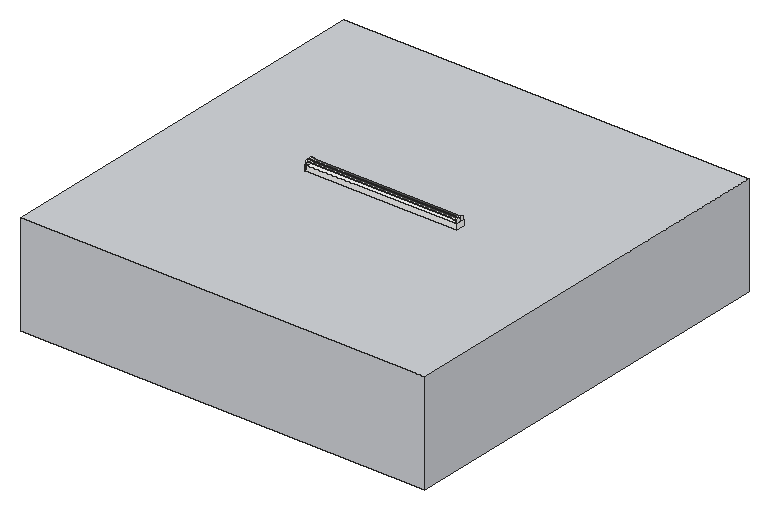
Revit family "CN3", category Lighting Fixtures, host Face, Revit 2012
Parameters (values of type "CN3")
  Wattage Comments = "129 W"
  Wattage = 9.2903 W
  built-in parameter 1150110 = 1 (stored number, unit not read)
  URL = "http://www.columbialighting.com/"
  built-in parameter 1114217 = 1 (stored number, unit not read)
  Tilt Angle = 60.00°
  built-in parameter 1150109 = 1 (stored number, unit not read)
  built-in parameter 1150134 = 3
  built-in parameter 1150113 = 1 (stored number, unit not read)
  Product Page URL = "http://www.columbialighting.com/products/cncnss"
  Product Documentation Link = "http://www.columbialighting.com/content/products/specs/specs_files/cn.pdf"
  Photometric Web File = "generic"
  built-in parameter 1150142 = (empty or 0)
  Model = "CN3"  # constant formula
  Manufacturer Phone = "864-678-1000"  # constant formula
  Manufacturer Fax = "866-898-1065"  # constant formula
  Manufacturer = "Columbia Lighting"  # constant formula
  built-in parameter 1150105 = 109.82 (stored number, unit not read)
  Lumens = 1380 lm
  built-in parameter 1150115 = 1 (stored number, unit not read)
  built-in parameter 1150137 = (empty or 0)
  built-in parameter 1150139 = (empty or 0)
  built-in parameter 1150112 = 1 (stored number, unit not read)
  built-in parameter 1150114 = 1 (stored number, unit not read)
  Lamp = "F54T5"
  built-in parameter 1150132 = (empty or 0)
  built-in parameter 1150102 = (empty or 0)
  built-in parameter 1150107 = 3200 (stored number, unit not read)
  built-in parameter 1150138 = (empty or 0)
  built-in parameter 1150106 = 1.0982 (stored number, unit not read)
  Glass = Glass
  Emit from Line Length = 34.000"
  built-in parameter 1150104 = 13.8 (stored number, unit not read)
  Dimming Lamp Color Temperature Shift = <None>
  Description = "Narrow strip designed specifically for T5/T5HO applications offers smallest strip luminaire for coves, indirect lighting and other restricted spaces that require high performance."  # constant formula
  Default Elevation = 48.000"
  Color Filter = 16777215
  built-in parameter 1114218 = 1 (stored number, unit not read)
  Ballast = "PAV254T5M"
  Backbox = White
  built-in parameter 1150133 = 10 (stored number, unit not read)
  Apparent Load = 0 VA
Reference planes (in)
  plane 1 "Center (Front/Back)": y = 0.03999
  plane 2: z = 0.06357
  plane 3 "Center (Left/Right)": x = 0.00176
  plane 4: z = 2.25107
  plane 5: x = -17.99824
  plane 6: y = 1.03999
  plane 7: x = 18.00176
  plane 8: y = -0.96001
  plane 9: z = 1.31357
  plane 10: x = -17.89824
  plane 11: x = 17.90176
  plane 12: x = 17.60176
  plane 13: x = -17.59782
  plane 14: y = 0.53999
  plane 15: y = -0.46001
Forms (in)
  Extrusion 1, solid
    sketch origin (0, 0, 0.06357) x (1, 0, 0) y (0, 1, 0)
      loop
        line (-48, 48) -> (-48, -48) -> (48, -48) -> (48, 48) -> (-48, 48)
    from 0 to -24.06357
  Extrusion 2, solid, material "White" <- "Backbox"
    sketch origin (0.00176, 0, 0) x (0, 1, 0) y (0, 0, 1)
      loop
        line (1.03999, 1.31357) -> (-0.96001, 1.31357) -> (-0.96001, 0.06357) -> (1.03999, 0.06357) -> (1.03999, 1.31357)
      loop
        line (0.93999, 0.16357) -> (0.93999, 1.21357) -> (-0.86001, 1.21357) -> (-0.86001, 0.16357) -> (0.93999, 0.16357)
    from -17.9 to 17.9
  Extrusion 3, solid, material "White" <- "Backbox"
    sketch origin (0.00176, 0, 0) x (0, 1, 0) y (0, 0, 1)
      loop
        line (1.03999, 1.31357) -> (-0.96001, 1.31357) -> (-0.96001, 0.06357) -> (1.03999, 0.06357) -> (1.03999, 1.31357)
    from 17.9 to 18
  Extrusion 4, solid, material "White" <- "Backbox"
    sketch origin (0.00176, 0, 0) x (0, 1, 0) y (0, 0, 1)
      loop
        line (0.9561, 1.42793) -> (0.93341, 1.86073)
        arc (0.93341, 1.86073) -> (0.53999, 2.25415) -> (0.14657, 1.86073) r 0.39342
        line (0.14657, 1.86073) -> (0.12389, 1.42793) -> (0.09775, 1.40179) -> (0.12128, 1.37825) -> (0.11789, 1.31357) -> (0.96209, 1.31357) -> (0.9587, 1.37825) -> (0.98224, 1.40179) -> (0.9561, 1.42793)
      loop
        line (-0.87611, 1.42793) -> (-0.90225, 1.40179) -> (-0.87872, 1.37825) -> (-0.88211, 1.31357) -> (-0.03791, 1.31357) -> (-0.0413, 1.37825) -> (-0.01776, 1.40179) -> (-0.0439, 1.42793) -> (-0.06659, 1.86073)
        arc (-0.06659, 1.86073) -> (-0.46001, 2.25415) -> (-0.85343, 1.86073) r 0.39342
        line (-0.85343, 1.86073) -> (-0.87611, 1.42793)
    from 17.6 to 17.9
  Extrusion 5, solid, material "White" <- "Backbox"
    sketch origin (0.01104, 0, 0) x (0, 1, 0) y (0, 0, -1)
      loop
        line (0.9561, -1.42793) -> (0.98224, -1.40179) -> (0.9587, -1.37825) -> (0.96209, -1.31357) -> (0.11789, -1.31357) -> (0.12128, -1.37825) -> (0.09775, -1.40179) -> (0.12389, -1.42793) -> (0.14657, -1.86073)
        arc (0.14657, -1.86073) -> (0.53999, -2.25415) -> (0.93341, -1.86073) r 0.39342
        line (0.93341, -1.86073) -> (0.9561, -1.42793)
      loop
        line (-0.87611, -1.42793) -> (-0.85343, -1.86073)
        arc (-0.85343, -1.86073) -> (-0.46001, -2.25415) -> (-0.06659, -1.86073) r 0.39342
        line (-0.06659, -1.86073) -> (-0.0439, -1.42793) -> (-0.01776, -1.40179) -> (-0.0413, -1.37825) -> (-0.03791, -1.31357) -> (-0.88211, -1.31357) -> (-0.87872, -1.37825) -> (-0.90225, -1.40179) -> (-0.87611, -1.42793)
    from 17.60886 to 17.90928
  Extrusion 6, solid, material "White" <- "Backbox"
    sketch origin (0.01104, 0, 0) x (0, 1, 0) y (0, 0, -1)
      loop
        line (1.03999, -1.31357) -> (1.03999, -0.06357) -> (-0.96001, -0.06357) -> (-0.96001, -1.31357) -> (1.03999, -1.31357)
    from 17.90928 to 18.00928
  Extrusion 7, solid, material "Glass" <- "Glass"
    sketch origin (0.00176, 0, 0) x (0, 1, 0) y (0, 0, 1)
      loop
        circle (0.53999, 1.8877) r 0.28
      loop
        circle (-0.46001, 1.8877) r 0.28
    from -17.59958 to 17.6
Cuts and joins
  joined: Extrusion 2, Extrusion 3, Extrusion 4, Extrusion 5, Extrusion 6
Dimensions and locks (in)
  locked: plane 5 to plane 3 "Center (Left/Right)" at 18
  locked: plane 6 to plane 1 "Center (Front/Back)" at 1
  locked: plane 7 to plane 3 "Center (Left/Right)" at 18
  locked: plane 8 to plane 1 "Center (Front/Back)" at 1
  locked: plane 4 to Extrusion 1 at 2.1875
  locked: plane 10 to plane 5 at 0.1
  locked: level to Extrusion 2 at 1.25
  locked: plane 11 to plane 7 at 0.1
  locked: Extrusion 5 to level at 1.25
  locked: Extrusion 4 to level at 1.25
  locked: plane 14 to plane 1 "Center (Front/Back)" at 0.5
  locked: plane 14 to Extrusion 7 sketch curve at 0
  locked: plane 15 to Extrusion 7 sketch curve at 0
  locked: Extrusion 5 to Extrusion 4 at 0.08168  (x2)
  locked: plane 5 to plane 13 at 0.40042
  locked: plane 7 to plane 12 at 0.4
  aligned and locked: plane 2 to Extrusion 1
  aligned and locked: plane 9 to Extrusion 2 sketch curve
  aligned and locked: plane 6 to Extrusion 2 sketch curve
  aligned and locked: Extrusion 2 sketch curve to level
  aligned and locked: plane 8 to Extrusion 2 sketch curve
  aligned and locked: Extrusion 2 to plane 10
  aligned and locked: Extrusion 3 sketch curve to Extrusion 2  (x4)
  aligned and locked: plane 9 to Extrusion 4 sketch curve
  aligned and locked: Extrusion 4 sketch curve to Extrusion 2
  aligned and locked: Extrusion 2 to plane 11
  aligned and locked: Extrusion 2 to Extrusion 4
  aligned and locked: Extrusion 4 to plane 12
  aligned and locked: Extrusion 3 to Extrusion 2
  aligned and locked: Extrusion 5 to plane 9
  aligned and locked: Extrusion 3 to plane 7
  aligned and locked: plane 11 to Extrusion 3
  aligned and locked: Extrusion 5 to plane 13
  aligned and locked: plane 10 to Extrusion 6
  aligned and locked: Extrusion 6 to plane 5
  aligned and locked: Extrusion 7 to Extrusion 5
  aligned and locked: plane 12 to Extrusion 7
  aligned and locked: Extrusion 5 to Extrusion 2
  aligned and locked: plane 4 to imposter light
Connectors (in)
  electrical at (0, 0, 0.06357), driven by "Apparent Load", driven by "Description"
    settings: index 1, voltage 0 V, apparent load 0 VA, apparent load phase1 0 VA, apparent load phase2 0 VA, apparent load phase3 0 VA, power factor 1, load classification "Lighting", number of poles 1, system type 30, power factor state 1, is connector primary yes, connector utility no, sub classification motor no, connector description "Narrow strip designed specifically for T5/T5HO applications offers smallest strip luminaire for coves, indirect lighting and other restricted spaces that require high performance."
